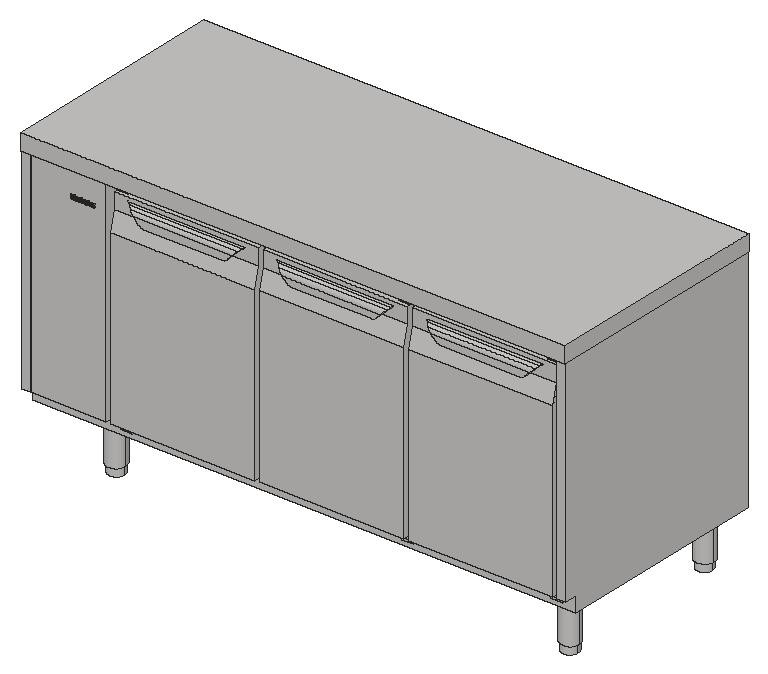
Revit family "QF_ELECTROLUXPROFESSIONAL_710295_EH3MRAAA", category Specialty Equipment, Revit 2018
Family settings
  Round Connector Dimension = Use Diameter
  Part Type = Normal
  Work Plane-Based = No
  Always vertical = Yes
  Cut with Voids When Loaded = No
  Shared = No
  Room Calculation Point = No
Parameters
  Weight = 0.00 kg
  Watts = 0 W
  Volts = 220 V
  URL Manufacturer = "http://professional.electrolux.com/"
  URL = "http://professional.electrolux.com/"
  Steam Supply Size = 0 mm
  Steam Supply Minimum Pressure = 0.0 Pa
  Steam Supply Maximum Pressure = 0.0 Pa
  Steam Pounds per Hour = 0
  Show Logo [instance] = yes
  Show Clearance [instance] = yes
  Refrigeration Suction Line Size = 0 mm
  Refrigeration Liquid Line Size = 0 mm
  Refrigerant Compressor Remote = yes
  Manufacturer = "Electrolux"
  Phase = 1
  Model = "EH3RRAAA"
  Length Actual = 1661 mm  # constant formula
  Item Number = "710030"
  Hot Water Size = 0 mm
  Height Actual = 900 mm  # constant formula
  HP = "0.1 HP"
  Gas Size = 0 mm
  Gas KW = 0
  Gas Input Pressure = 0 W
  Direct Waste Size = 0 mm
  Description = "REFRIGER.COUNTER 440LT 3DOOR REMOTE"
  Depth Actual = 700 mm  # constant formula
  Cycle = 0 Hz
  Condensate Return Size = 0 mm
  Compressed Air Volume = 0.0 L/s
  Compressed Air Size = 0 mm
  Compressed Air Pressure = 0.0 Pa
  Cold Water Size = 0 mm
  Accessory = yes
Reference planes
  plane 1 "Center X": y = 182.5
  plane 2: z = 0
  plane 3 "Center Y": x = 169.5
  plane 4: y = -62.5
  plane 5: y = 451.5
  plane 6 "BACK": y = 532.5
  plane 7 "FRONT": y = -167.5
  plane 8: x = -452
  plane 9: x = 932
  plane 10: z = 150
  plane 11 "TOP": z = 900
  plane 12: z = 850
  plane 13: x = -659
  plane 14: x = 998
  plane 15 "LEFT": x = -661
  plane 16 "RIGHT": x = 1000
Forms (mm)
  Extrusion 1, solid, material "QF_Finishes_Stainless Steel"
    sketch origin (169.5, 2, 0) x (0, 1, 0) y (0, 0, 1)
      loop
        line (530.5, 150) -> (530.5, 850) -> (-124.5, 850) -> (-124.5, 150) -> (530.5, 150)
    from -828.5 to 828.5
  Extrusion 2, solid, material "QF_Finishes_Stainless Steel"
    sketch origin (-1022.223, -1524, 150) x (-1, 0, 0) y (0, -1, 0)
      loop
        line (-363.223, -1361.5) -> (-388.223, -1361.5) -> (-388.223, -1401.5) -> (-363.223, -1401.5) -> (-363.223, -1361.5)
      loop
        line (-2020.223, -1401.5) -> (-1995.223, -1401.5) -> (-1995.223, -1361.5) -> (-2020.223, -1361.5) -> (-2020.223, -1401.5)
    from 47 to 700
  Extrusion 3, solid, material "QF_Finishes_Stainless Steel"
    sketch origin (0, 0, 900) x (-1, 0, 0) y (0, -1, 0)
      loop
        circle (-284, -94.5) r 8.45
    from -790.577 to -750
  Extrusion 4, solid, material "QF_Finishes_Stainless Steel"
    sketch origin (0, 0, 0) x (1, 0, 0) y (0, 1, 0)
      loop
        circle (-594, 207.5) r 8.45
    from 127.77 to 150
  Extrusion 5, solid, material "QF_Finishes_Stainless Steel"
    sketch origin (0, 0, 0) x (1, 0, 0) y (0, 1, 0)
      loop
        circle (-578, 162.5) r 4.75
    from 347 to 367
  Extrusion 6, solid, material "QF_Finishes_Stainless Steel"
    sketch origin (0, 0, 0) x (1, 0, 0) y (0, 1, 0)
      loop
        circle (-531, 4.5) r 4
    from 709 to 729
  Extrusion 7, solid, material "QF_Finishes_Stainless Steel"
    sketch origin (0, 0, 0) x (1, 0, 0) y (0, 1, 0)
      loop
        circle (-553, 159.5) r 4
    from 397 to 417
  Extrusion 8, solid, material "QF_Finishes_Stainless Steel"
    sketch origin (169.5, 0, 0) x (0, 1, 0) y (0, 0, 1)
      loop
        line (-167.5, 900) -> (-167.5, 850) -> (532.5, 850) -> (532.5, 900) -> (-167.5, 900)
    from -830.5 to 830.5
Cuts and joins
  joined: Extrusion 1, Extrusion 2
Lines and regions (mm)
  symbolic lines, style "SpecialityEquipmentHiddenLines"
    curve 1: line (-661, -122.5, 900) -> (1000, -122.5, 900)
    curve 2: line (-396, -167.5, 900) -> (-396, -122.5, 900)
  symbolic lines, style "SpecialityEquipment"
    curve 3: line (-661, 532.5, 900) -> (1000, 532.5, 900)
    curve 4: line (-661, 532.5, 900) -> (-661, -167.5, 900)
    curve 5: line (-661, -167.5, 900) -> (1000, -167.5, 900)
    curve 6: line (1000, -167.5, 900) -> (1000, 532.5, 900)
Dimensions and locks
  locked: plane 6 "BACK" to plane 7 "FRONT" at 700
  equal spacing: plane 6 "BACK", plane 1 "Center X", plane 7 "FRONT"
  locked: plane 6 "BACK" to plane 5 at 81
  plane 10 to level = 150 mm
  plane 11 "TOP" to plane 12 to plane 10 = 50 mm locked, 700 mm locked
  locked: Extrusion 2 sketch curve to Extrusion 2 sketch curve at 25  (x2)
  locked: plane 4 to plane 7 "FRONT" at 105
  locked: plane 6 "BACK" to Extrusion 3 sketch curve at 438
  equal spacing: plane 13, plane 3 "Center Y", plane 14
  plane 15 "LEFT" to plane 16 "RIGHT" = 1661 mm
  locked: plane 13 to plane 8 at 207
  locked: plane 9 to plane 14 at 66
  locked: Extrusion 3 sketch curve to plane 14 at 714
  plane 6 "BACK" to Extrusion 4 sketch curve = 325 mm
  locked: plane 13 to Extrusion 4 sketch curve at 65
  locked: plane 13 to Extrusion 7 sketch curve at 106
  locked: plane 6 "BACK" to Extrusion 7 sketch curve at 373
  locked: plane 6 "BACK" to Extrusion 5 sketch curve at 370
  locked: plane 13 to Extrusion 5 sketch curve at 81
  plane 13 to Extrusion 6 sketch curve = 128 mm
  plane 6 "BACK" to Extrusion 6 sketch curve = 528 mm
  locked: plane 10 to Extrusion 4 at 22.23
  cut or joined group of Extrusion 1, Extrusion 2 to Extrusion 5 to Extrusion 5 to Extrusion 7 to Extrusion 7 to Extrusion 6 to Extrusion 6 = 197 mm locked, 20 mm locked, 30 mm locked, 20 mm locked, 292 mm locked, 20 mm locked
  aligned and locked: level to plane 2
  aligned and locked: plane 10 to Extrusion 3
  aligned and locked: nested 4 to plane 4
  aligned and locked: nested 1 to plane 4
  aligned and locked: nested 3 to plane 5
  aligned and locked: nested 2 to plane 5
  aligned and locked: plane 8 to nested 1
  aligned and locked: plane 8 to nested 2
  aligned and locked: plane 9 to nested 4
  aligned and locked: plane 9 to nested 3
  aligned and locked: Extrusion 1 to Extrusion 2
  aligned and locked: Extrusion 2 to Extrusion 1
  aligned and locked: Extrusion 2 sketch curve to plane 14
  aligned and locked: plane 13 to Extrusion 2 sketch curve
  aligned and locked: plane 12 to nested 5
  aligned and locked: nested 7 to plane 12
  aligned and locked: cut or joined group of Extrusion 1, Extrusion 2 to plane 10
  aligned and locked: plane 12 to cut or joined group of Extrusion 1, Extrusion 2
  aligned and locked: plane 10 to Extrusion 4
  aligned and locked: nested 8 to plane 7 "FRONT"
  aligned and locked: plane 14 to nested 8
  aligned and locked: plane 16 "RIGHT" to curve 6
  aligned and locked: Extrusion 8 sketch curve to plane 11 "TOP"
  aligned and locked: plane 7 "FRONT" to Extrusion 8 sketch curve
  aligned and locked: Extrusion 8 sketch curve to cut or joined group of Extrusion 1, Extrusion 2  (x2)
  aligned and locked: Extrusion 8 to curve 3
  aligned and locked: plane 16 "RIGHT" to Extrusion 8
Automatic sketch dimensions
  Extrusion 1 sketch curve to plane 10 = 0 mm
  Extrusion 1 sketch curve to plane 12 = 0 mm
  Extrusion 1 sketch curve to plane 6 "BACK" = 0 mm
  plane 7 "FRONT" to Extrusion 1 sketch curve = 45 mm
  plane 7 "FRONT" to Extrusion 2 sketch curve = 45 mm  (x2)
  plane 7 "FRONT" to Extrusion 2 sketch curve = 5 mm  (x2)
  curve 6 to plane 6 "BACK" = 0 mm
  curve 2 to plane 7 "FRONT" = 0 mm
  plane 8 to curve 2 = 56 mm
  curve 1 to curve 4 = 45 mm
  radius of Extrusion 3 sketch curve = 8.45 mm
  radius of Extrusion 4 sketch curve = 8.45 mm
  radius of Extrusion 5 sketch curve = 4.75 mm
  radius of Extrusion 6 sketch curve = 4 mm
  radius of Extrusion 7 sketch curve = 4 mm
Nested families
  nested 1: "Foot_Ø50_H150" at (-452, -62.5, 0), type "Foot_Ø50_H150"
  nested 2: "Foot_Ø50_H150" at (-452, 451.5, 0), type "Foot_Ø50_H150"
  nested 3: "Foot_Ø50_H150" at (932, 451.5, 0), type "Foot_Ø50_H150"
  nested 4: "Foot_Ø50_H150" at (932, -62.5, 0), type "Foot_Ø50_H150"
  nested 5: "ELX_Cooling Unit_Remote" at (-518.5, -164.5, 0), Show Logo <- "Show Logo", type "ELX_Cooling Unit_Remote"
  nested 6: "ELX_Door" at (285, -164.5, 0), Show Clearance <- "Show Clearance", type "ELX_Door"
  nested 7: "ELX_Door" at (-169, -164.5, 0) x (-1, 0, 0) z (0, 0, 1), Show Clearance <- "Show Clearance", type "ELX_Door"
  nested 8: "Refrigerator" at (998, -167.5, 900), type "Refrigerator"
  nested 9: "ELX_Door" at (739, -164.5, 0), Show Clearance <- "Show Clearance", type "ELX_Door"
Connectors
  piping at (-594, 207.5, 127.77), diameter 17
    settings: on Extrusion 4, index 1, connector inside diameter 609.6 mm, connector length 0 mm, flow factor 0, pipe flow 0.0 L/s, pressure drop 0.0 Pa, fitting loss kfactor 0, connector angle 0.00°, fixture units 0, engagement length 0 mm, angle of deflection 0.00°, flow configuration 1, flow direction 2, fitting loss method 0, system type 16, joint type 0, gender type 0, connector reference index -1, connector utility 0, adjustable connector no, is connector primary yes, connector description "Drain"
  piping at (-578, 162.5, 347), diameter 2895.6
    settings: on Extrusion 5, index 2, connector inside diameter 609.6 mm, connector length 0 mm, flow factor 0, pipe flow 0.0 L/s, pressure drop 0.0 Pa, fitting loss kfactor 0, connector angle 0.00°, fixture units 0, engagement length 0 mm, angle of deflection 0.00°, flow configuration 1, flow direction 2, fitting loss method 0, system type 8, joint type 0, gender type 0, connector reference index -1, connector utility 0, adjustable connector no, is connector primary no, connector description "Refrigerant Outlet"
  piping at (-553, 159.5, 397), diameter 2438.4
    settings: on Extrusion 7, index 3, connector inside diameter 609.6 mm, connector length 0 mm, flow factor 0, pipe flow 0.0 L/s, pressure drop 0.0 Pa, fitting loss kfactor 0, connector angle 0.00°, fixture units 0, engagement length 0 mm, angle of deflection 0.00°, flow configuration 1, flow direction 1, fitting loss method 0, system type 7, joint type 0, gender type 0, connector reference index -1, connector utility 0, adjustable connector no, is connector primary no, connector description "Refrigerant Inlet"
  electrical at (-531, 4.5, 709)
    settings: on Extrusion 6, index 4, voltage 0 V, apparent load 0 VA, apparent load phase1 0 VA, apparent load phase2 0 VA, apparent load phase3 0 VA, power factor 1, load classification "Altro", number of poles 1, system type 30, power factor state 1, is connector primary yes, connector utility no, sub classification motor no, connector description "Electrical Connection"
  piping at (284, 94.5, 109.423), diameter 17
    settings: on Extrusion 3, index 5, connector inside diameter 609.6 mm, connector length 0 mm, flow factor 0, pipe flow 0.0 L/s, pressure drop 0.0 Pa, fitting loss kfactor 0, connector angle 0.00°, fixture units 0, engagement length 0 mm, angle of deflection 0.00°, flow configuration 1, flow direction 2, fitting loss method 0, system type 16, joint type 0, gender type 0, connector reference index -1, connector utility 0, adjustable connector no, is connector primary no, connector description "Drain"
Definition of nested family "Foot_Ø50_H150"
  Reference planes
    plane 1 "Centro (Fronte/Retro)": y = 0
    plane 2: z = 0
    plane 3 "Centro (Sinistra/Destra)": x = 0
    plane 4: z = 150
  Forms (mm)
    Revolve 1, solid
      sketch origin (255.05, 0, 608.09) x (0, 0, 1) y (-1, 0, 0)
        loop
          line (-608.09, 255.05) -> (-608.09, 230.05) -> (-583.09, 230.05) -> (-583.09, 226.05) -> (-458.09, 226.05) -> (-458.09, 255.05) -> (-608.09, 255.05)
        axis (-608.09, 255.05) -> (-458.09, 255.05)
      angle from 0 to 360
  Dimensions and locks
    locked: Revolve 1 sketch curve to Revolve 1 sketch curve at 125
    aligned and locked: level to plane 2
    aligned and locked: plane 4 to Revolve 1 sketch curve
    aligned and locked: Revolve 1 sketch curve to level
    aligned and locked: plane 3 "Centro (Sinistra/Destra)" to Revolve 1 sketch curve
Definition of nested family "ELX_Cooling Unit_Remote"
  Parameters
    Show Logo [instance] = yes
  Reference planes
    plane 1 "FRONT": y = -3
    plane 2: z = 0
    plane 3 "Centro (Sinistra/Destra)": x = 0
    plane 4: z = 150
    plane 5: z = 850
    plane 6: x = -115.5
    plane 7: x = 115.5
  Forms (mm)
    Extrusion 1, solid
      sketch origin (0, 55, 511) x (0, 0, 1) y (0, -1, 0)
        loop
          line (-314, 53) -> (-314, 13) -> (339, 13) -> (339, 53) -> (-314, 53)
      from -115.5 to 115.5
  Lines and regions (mm)
    Split face 1
      outline origin (0, 2, 197) x (0, 0, 1) y (-1, 0, 0)
        loop
          line (622.361, 88.738) -> (620.361, 90.738) -> (551.361, 90.738) -> (549.361, 88.738) -> (549.361, -88.738) -> (551.361, -90.738) -> (620.361, -90.738) -> (622.361, -88.738) -> (622.361, 88.738)
    Split face 2
      outline origin (0, 2, 197) x (0, 0, 1) y (-1, 0, 0)
        loop
          line (601.861, 71.967) -> (561.861, 71.967) -> (561.861, 6.967) -> (601.861, 6.967) -> (601.861, 71.967)
    Split face 3
      outline origin (0, 2, 197) x (0, 0, 1) y (-1, 0, 0)
        loop
          line (611.961, -90.738) -> (611.961, -8.712) -> (617.061, 0.121) -> (617.061, 90.738)
  Dimensions and locks
    aligned and locked: level to plane 2
  Nested families
    nested 1: "ELX_Logo_S_New" at (45.369, 2, 777.661) x (1, 0, 0) z (0, -1, 0), type "ELX_Logo_S_New"
  Definition of nested family "ELX_Logo_S_New"
    Parameters
      Default Elevation = 0 mm
    Reference planes
      plane 1 "Centro (Fronte/Retro)": y = 0
      plane 2: z = 0
      plane 3 "Centro (Sinistra/Destra)": x = 0
    Forms (mm)
      Extrusion 1, solid
        sketch origin (0, 0, 0) x (1, 0, 0) y (0, 1, 0)
          loop
            line (-1219.2, 1219.2) -> (-1219.2, -1219.2) -> (1219.2, -1219.2) -> (1219.2, 1219.2) -> (-1219.2, 1219.2)
        from 0 to -304.8
      Extrusion 2, solid
        sketch origin (0, 0, 0) x (1, 0, 0) y (0, 1, 0)
          loop
            spline (-32.537, -4.135) -> (-32.702, -4.128) -> (-32.877, -4.105) -> (-33.059, -4.064) -> (-33.242, -4.002) -> (-33.422, -3.916) -> (-33.593, -3.803) -> (-33.751, -3.66) -> (-33.891, -3.486) -> (-34.008, -3.276) -> (-34.098, -3.029) -> (-34.155, -2.741) -> (-34.176, -2.41)
            line (-34.176, -2.41) -> (-34.176, -0.943) -> (-29.331, -0.943) -> (-29.331, 0.928) -> (-34.176, 0.928) -> (-34.176, 3.652) -> (-29.023, 3.652) -> (-29.023, 5.518) -> (-36.159, 5.518) -> (-36.159, -2.326)
            spline (-36.159, -2.326) -> (-36.142, -2.808) -> (-36.088, -3.263) -> (-35.996, -3.688) -> (-35.867, -4.083) -> (-35.698, -4.445) -> (-35.489, -4.773) -> (-35.239, -5.066) -> (-34.946, -5.322) -> (-34.61, -5.539) -> (-34.23, -5.716) -> (-33.804, -5.851) -> (-33.332, -5.943)
            line (-33.332, -5.943) -> (-32.554, -5.999) -> (-28.885, -5.999) -> (-28.885, -4.135) -> (-32.537, -4.135)
          loop
            line (-27.476, 0.076) -> (-27.476, -6.002) -> (-25.492, -6.002) -> (-25.492, 5.521) -> (-27.476, 5.521) -> (-27.476, 0.076)
          loop
            spline (-15.702, -2.321) -> (-15.689, -1.697) -> (-15.749, -1.094) -> (-15.879, -0.516) -> (-16.078, 0.029) -> (-16.341, 0.538) -> (-16.668, 1.004) -> (-17.055, 1.422) -> (-17.5, 1.786) -> (-17.999, 2.091) -> (-18.552, 2.331) -> (-19.154, 2.5) -> (-19.804, 2.594)
            spline (-19.804, 2.594) -> (-20.422, 2.558) -> (-21.009, 2.453) -> (-21.56, 2.28) -> (-22.072, 2.042) -> (-22.54, 1.743) -> (-22.96, 1.385) -> (-23.327, 0.97) -> (-23.638, 0.502) -> (-23.887, -0.018) -> (-24.07, -0.586) -> (-24.183, -1.2) -> (-24.222, -1.857)
            spline (-24.222, -1.857) -> (-24.184, -2.498) -> (-24.074, -3.097) -> (-23.895, -3.652) -> (-23.651, -4.16) -> (-23.344, -4.618) -> (-22.979, -5.023) -> (-22.559, -5.374) -> (-22.087, -5.667) -> (-21.567, -5.899) -> (-21.003, -6.068) -> (-20.397, -6.172) -> (-19.754, -6.207)
            spline (-19.754, -6.207) -> (-19.44, -6.2) -> (-19.13, -6.176) -> (-18.823, -6.135) -> (-18.52, -6.074) -> (-18.221, -5.993) -> (-17.925, -5.89) -> (-17.634, -5.762) -> (-17.346, -5.609) -> (-17.062, -5.43) -> (-16.782, -5.221) -> (-16.506, -4.983) -> (-16.234, -4.713)
            line (-16.234, -4.713) -> (-17.429, -3.55)
            spline (-17.429, -3.55) -> (-17.587, -3.702) -> (-17.745, -3.841) -> (-17.906, -3.967) -> (-18.07, -4.08) -> (-18.239, -4.181) -> (-18.415, -4.268) -> (-18.599, -4.343) -> (-18.792, -4.404) -> (-18.996, -4.452) -> (-19.213, -4.486) -> (-19.443, -4.506) -> (-19.688, -4.513)
            spline (-19.688, -4.513) -> (-20.047, -4.496) -> (-20.383, -4.443) -> (-20.696, -4.358) -> (-20.984, -4.24) -> (-21.246, -4.092) -> (-21.479, -3.915) -> (-21.683, -3.711) -> (-21.856, -3.48) -> (-21.997, -3.224) -> (-22.104, -2.945) -> (-22.176, -2.643) -> (-22.212, -2.321)
            line (-22.212, -2.321) -> (-15.702, -2.321)
          loop
            spline (-17.695, -0.926) -> (-17.714, -0.681) -> (-17.771, -0.445) -> (-17.861, -0.221) -> (-17.984, -0.01) -> (-18.135, 0.184) -> (-18.314, 0.36) -> (-18.516, 0.516) -> (-18.741, 0.648) -> (-18.984, 0.755) -> (-19.244, 0.834) -> (-19.518, 0.883) -> (-19.804, 0.9)
            spline (-19.804, 0.9) -> (-20.11, 0.884) -> (-20.405, 0.835) -> (-20.686, 0.757) -> (-20.95, 0.652) -> (-21.195, 0.521) -> (-21.419, 0.367) -> (-21.618, 0.192) -> (-21.79, -0.003) -> (-21.934, -0.214) -> (-22.045, -0.439) -> (-22.122, -0.678) -> (-22.162, -0.926)
            line (-22.162, -0.926) -> (-17.695, -0.926)
          loop
            spline (-12.669, -1.807) -> (-12.646, -1.438) -> (-12.58, -1.088) -> (-12.472, -0.759) -> (-12.326, -0.455) -> (-12.145, -0.177) -> (-11.93, 0.072) -> (-11.685, 0.289) -> (-11.412, 0.473) -> (-11.114, 0.62) -> (-10.793, 0.728) -> (-10.453, 0.794) -> (-10.095, 0.817)
            spline (-10.095, 0.817) -> (-9.876, 0.81) -> (-9.665, 0.79) -> (-9.464, 0.756) -> (-9.271, 0.709) -> (-9.086, 0.65) -> (-8.908, 0.578) -> (-8.737, 0.495) -> (-8.572, 0.399) -> (-8.414, 0.292) -> (-8.261, 0.173) -> (-8.113, 0.044) -> (-7.969, -0.096)
            line (-7.969, -0.096) -> (-6.741, 1.183)
            spline (-6.741, 1.183) -> (-6.985, 1.427) -> (-7.237, 1.647) -> (-7.496, 1.843) -> (-7.762, 2.015) -> (-8.034, 2.164) -> (-8.312, 2.291) -> (-8.596, 2.397) -> (-8.886, 2.482) -> (-9.181, 2.546) -> (-9.481, 2.592) -> (-9.786, 2.619) -> (-10.095, 2.627)
            spline (-10.095, 2.627) -> (-10.715, 2.589) -> (-11.308, 2.476) -> (-11.871, 2.294) -> (-12.396, 2.046) -> (-12.88, 1.736) -> (-13.316, 1.369) -> (-13.7, 0.949) -> (-14.026, 0.48) -> (-14.289, -0.035) -> (-14.483, -0.59) -> (-14.604, -1.182) -> (-14.645, -1.807)
            spline (-14.645, -1.807) -> (-14.604, -2.431) -> (-14.483, -3.023) -> (-14.289, -3.578) -> (-14.026, -4.093) -> (-13.7, -4.562) -> (-13.316, -4.983) -> (-12.88, -5.35) -> (-12.396, -5.659) -> (-11.871, -5.907) -> (-11.308, -6.09) -> (-10.715, -6.202) -> (-10.095, -6.24)
            spline (-10.095, -6.24) -> (-9.786, -6.232) -> (-9.481, -6.205) -> (-9.181, -6.16) -> (-8.886, -6.095) -> (-8.596, -6.01) -> (-8.312, -5.904) -> (-8.034, -5.777) -> (-7.762, -5.628) -> (-7.496, -5.456) -> (-7.237, -5.26) -> (-6.985, -5.04) -> (-6.741, -4.796)
            line (-6.741, -4.796) -> (-7.969, -3.517)
            spline (-7.969, -3.517) -> (-8.113, -3.657) -> (-8.261, -3.786) -> (-8.414, -3.905) -> (-8.572, -4.012) -> (-8.737, -4.108) -> (-8.908, -4.192) -> (-9.086, -4.263) -> (-9.271, -4.323) -> (-9.464, -4.369) -> (-9.665, -4.403) -> (-9.876, -4.423) -> (-10.095, -4.43)
            spline (-10.095, -4.43) -> (-10.453, -4.408) -> (-10.793, -4.341) -> (-11.114, -4.233) -> (-11.412, -4.086) -> (-11.685, -3.902) -> (-11.93, -3.685) -> (-12.145, -3.436) -> (-12.326, -3.158) -> (-12.472, -2.854) -> (-12.58, -2.526) -> (-12.646, -2.176) -> (-12.669, -1.807)
          loop
            spline (-1.683, -4.138) -> (-1.858, -4.14) -> (-2.045, -4.127) -> (-2.24, -4.095) -> (-2.438, -4.04) -> (-2.633, -3.959) -> (-2.822, -3.85) -> (-2.998, -3.709) -> (-3.157, -3.533) -> (-3.294, -3.318) -> (-3.404, -3.061) -> (-3.483, -2.76) -> (-3.524, -2.411)
            line (-3.524, -2.411) -> (-3.524, 0.529) -> (-1.72, 0.529) -> (-1.72, 2.331) -> (-3.522, 2.331) -> (-3.522, 5.521) -> (-5.506, 5.521) -> (-5.506, -2.523)
            spline (-5.506, -2.523) -> (-5.463, -2.99) -> (-5.386, -3.429) -> (-5.274, -3.839) -> (-5.126, -4.218) -> (-4.941, -4.564) -> (-4.717, -4.877) -> (-4.455, -5.155) -> (-4.153, -5.396) -> (-3.81, -5.599) -> (-3.425, -5.762) -> (-2.998, -5.884) -> (-2.528, -5.964)
            line (-2.528, -5.964) -> (-1.69, -6.002) -> (-1.683, -4.138)
          loop
            spline (4.991, 2.446) -> (4.648, 2.468) -> (4.318, 2.461) -> (4.001, 2.429) -> (3.699, 2.371) -> (3.413, 2.288) -> (3.142, 2.182) -> (2.89, 2.052) -> (2.655, 1.901) -> (2.439, 1.728) -> (2.244, 1.535) -> (2.069, 1.322) -> (1.917, 1.091)
            line (1.917, 1.091) -> (1.917, 2.33) -> (-0.051, 2.33) -> (-0.051, -6.002) -> (1.917, -6.002) -> (1.917, -1.621)
            spline (1.917, -1.621) -> (1.935, -1.288) -> (1.988, -0.979) -> (2.075, -0.693) -> (2.195, -0.432) -> (2.345, -0.197) -> (2.526, 0.01) -> (2.736, 0.189) -> (2.972, 0.338) -> (3.235, 0.456) -> (3.522, 0.541) -> (3.832, 0.594) -> (4.165, 0.611)
            line (4.165, 0.611) -> (4.991, 0.529) -> (4.991, 2.446)
          loop
            spline (14.388, -1.836) -> (14.347, -1.224) -> (14.226, -0.642) -> (14.031, -0.093) -> (13.768, 0.418) -> (13.441, 0.887) -> (13.057, 1.308) -> (12.621, 1.677) -> (12.137, 1.989) -> (11.612, 2.24) -> (11.051, 2.425) -> (10.459, 2.539) -> (9.842, 2.578)
            spline (9.842, 2.578) -> (9.221, 2.539) -> (8.627, 2.425) -> (8.064, 2.24) -> (7.539, 1.989) -> (7.056, 1.677) -> (6.62, 1.308) -> (6.237, 0.887) -> (5.912, 0.418) -> (5.65, -0.093) -> (5.456, -0.642) -> (5.336, -1.224) -> (5.295, -1.836)
            spline (5.295, -1.836) -> (5.336, -2.447) -> (5.456, -3.029) -> (5.65, -3.578) -> (5.912, -4.089) -> (6.237, -4.558) -> (6.62, -4.979) -> (7.056, -5.348) -> (7.539, -5.66) -> (8.064, -5.911) -> (8.627, -6.096) -> (9.221, -6.211) -> (9.842, -6.25)
            spline (9.842, -6.25) -> (10.459, -6.211) -> (11.051, -6.096) -> (11.612, -5.911) -> (12.137, -5.66) -> (12.621, -5.348) -> (13.057, -4.979) -> (13.441, -4.558) -> (13.768, -4.089) -> (14.031, -3.578) -> (14.226, -3.029) -> (14.347, -2.447) -> (14.388, -1.836)
          loop
            spline (12.42, -1.836) -> (12.397, -1.475) -> (12.33, -1.131) -> (12.222, -0.807) -> (12.075, -0.504) -> (11.893, -0.227) -> (11.677, 0.022) -> (11.431, 0.241) -> (11.157, 0.426) -> (10.859, 0.575) -> (10.538, 0.685) -> (10.198, 0.753) -> (9.842, 0.777)
            spline (9.842, 0.777) -> (9.482, 0.753) -> (9.14, 0.685) -> (8.818, 0.575) -> (8.519, 0.426) -> (8.246, 0.241) -> (8.001, 0.022) -> (7.786, -0.227) -> (7.605, -0.504) -> (7.459, -0.807) -> (7.352, -1.131) -> (7.286, -1.475) -> (7.263, -1.836)
            spline (7.263, -1.836) -> (7.286, -2.196) -> (7.352, -2.54) -> (7.459, -2.865) -> (7.605, -3.167) -> (7.786, -3.444) -> (8.001, -3.694) -> (8.246, -3.912) -> (8.519, -4.098) -> (8.818, -4.247) -> (9.14, -4.357) -> (9.482, -4.425) -> (9.842, -4.448)
            spline (9.842, -4.448) -> (10.198, -4.425) -> (10.538, -4.357) -> (10.859, -4.247) -> (11.157, -4.098) -> (11.431, -3.912) -> (11.677, -3.694) -> (11.893, -3.444) -> (12.075, -3.167) -> (12.222, -2.865) -> (12.33, -2.54) -> (12.397, -2.196) -> (12.42, -1.836)
          loop
            line (15.608, 0.275) -> (15.608, -6.002) -> (17.593, -6.002) -> (17.593, 5.521) -> (15.608, 5.521) -> (15.608, 0.275)
          loop
            line (24.747, 2.33) -> (24.747, -2.513)
            spline (24.747, -2.513) -> (24.731, -2.828) -> (24.685, -3.112) -> (24.61, -3.366) -> (24.507, -3.59) -> (24.38, -3.785) -> (24.229, -3.952) -> (24.056, -4.091) -> (23.863, -4.203) -> (23.652, -4.29) -> (23.425, -4.35) -> (23.183, -4.386) -> (22.928, -4.398)
            spline (22.928, -4.398) -> (22.674, -4.386) -> (22.432, -4.35) -> (22.205, -4.29) -> (21.994, -4.204) -> (21.802, -4.092) -> (21.629, -3.954) -> (21.478, -3.788) -> (21.35, -3.595) -> (21.248, -3.373) -> (21.173, -3.122) -> (21.126, -2.841) -> (21.11, -2.53)
            line (21.11, -2.53) -> (21.11, 2.33) -> (19.11, 2.33) -> (19.11, -2.696)
            spline (19.11, -2.696) -> (19.145, -3.265) -> (19.248, -3.783) -> (19.413, -4.25) -> (19.636, -4.667) -> (19.912, -5.033) -> (20.236, -5.349) -> (20.603, -5.616) -> (21.008, -5.833) -> (21.446, -6.001) -> (21.913, -6.121) -> (22.403, -6.193) -> (22.912, -6.217)
            spline (22.912, -6.217) -> (23.425, -6.193) -> (23.92, -6.12) -> (24.39, -5.998) -> (24.832, -5.828) -> (25.241, -5.607) -> (25.611, -5.337) -> (25.937, -5.016) -> (26.216, -4.645) -> (26.441, -4.222) -> (26.608, -3.749) -> (26.711, -3.223) -> (26.747, -2.646)
            line (26.747, -2.646) -> (26.747, 2.33) -> (24.747, 2.33)
          loop
            line (34.253, -3.337) -> (33.002, -1.588) -> (34.551, 0.523) -> (35.878, 2.33) -> (33.713, 2.33) -> (31.91, -0.166) -> (30.092, 2.33) -> (27.943, 2.33) -> (29.175, 0.645) -> (30.82, -1.604) -> (29.096, -4.004) -> (27.662, -6.002) -> (29.794, -6.002) -> (31.91, -3.059) -> (34.027, -6.002) -> (36.159, -6.002) -> (34.253, -3.337)
        from 0 to 1.644
    Dimensions and locks
      aligned and locked: plane 2 to Extrusion 1
      aligned and locked: level to Extrusion 1
Definition of nested family "ELX_Door"
  Parameters
    Show Clearance [instance] = yes
  Reference planes
    plane 1 "FRONT": y = -3
    plane 2: z = 0
    plane 3 "Centro (Sinistra/Destra)": x = 0
    plane 4: z = 150
    plane 5: z = 850
    plane 6: x = -234
    plane 7: x = 234
    plane 8: x = -220
    plane 9: x = 220
  Forms (mm)
    Extrusion 1, solid
      sketch origin (0, 53, 511) x (0, 0, 1) y (0, -1, 0)
        loop
          line (-323.003, 28.5) -> (-316.501, 28.5) -> (-316.501, 31) -> (-325.503, 31) -> (-325.503, 13.5) -> (-345.503, 13.5) -> (-345.503, 11) -> (-323.003, 11) -> (-323.003, 23.259) -> (-323.003, 28.5)
        loop
          line (-314, 27) -> (-316.501, 27) -> (-316.501, 18.501) -> (-319.752, 18.501) -> (-319.752, 16) -> (-314, 16) -> (-314, 27)
        loop
          line (315.003, 27) -> (315.003, 13.948) -> (315.003, 11) -> (327.503, 11) -> (327.503, 13.5) -> (317.503, 13.5) -> (317.503, 27) -> (315.003, 27)
      from 185 to 220
    Extrusion 2, solid, visible <- "Show Clearance", detail levels coarse
      sketch origin (0, 53, 511) x (0, -1, 0) y (1, 0, 0)
        loop
          line (51, 220) -> (51, -220)
          arc (51, -220) -> (339.234, -79.44) -> (454, 220) r 437.168
          line (454, 220) -> (51, 220)
      from -314 to 314
    Extrusion 3, solid
      sketch origin (0, 55, 511) x (0, 0, 1) y (0, -1, 0)
        loop
          line (-314, 53) -> (-314, 18) -> (314, 18) -> (314, 37.596) -> (265.325, 37.596) -> (207.835, 53) -> (-314, 53)
      from -220 to 220
    Extrusion 4, solid
      sketch origin (0, 55, 511) x (0, 0, 1) y (0, -1, 0)
        loop
          line (252.967, 53) -> (252.967, 51) -> (274.59, 51)
          arc (274.59, 51) -> (281.189, 49.747) -> (286.869, 46.162) r 18
          arc (286.869, 46.162) -> (290.566, 42.591) -> (294.137, 38.894) r 148.064
          arc (294.137, 38.894) -> (296.293, 37.129) -> (298.841, 36) r 10.406
          line (298.841, 36) -> (302.14, 36) -> (302.14, 37.596)
          arc (302.14, 37.596) -> (298.576, 38.207) -> (295.599, 40.258) r 8.406
          arc (295.599, 40.258) -> (291.98, 44.005) -> (288.233, 47.624) r 150.064
          arc (288.233, 47.624) -> (281.922, 51.608) -> (274.59, 53) r 20
          line (274.59, 53) -> (252.967, 53)
      from -185 to 185
    Extrusion 5, void
      sketch origin (0, 55, 511) x (1, 0, 0) y (0, 0, 1)
        loop
          line (-204, 242.612) -> (-118.742, 242.612) -> (-118.742, 252.967)
          arc (-118.742, 252.967) -> (-128.309, 254.87) -> (-136.42, 260.289) r 25
          line (-136.42, 260.289) -> (-172.857, 296.727)
          arc (-172.857, 296.727) -> (-179.346, 301.062) -> (-187, 302.585) r 20
          line (-187, 302.585) -> (-204, 302.585) -> (-204, 242.612)
        loop
          line (204, 242.612) -> (204, 302.585) -> (187, 302.585)
          arc (187, 302.585) -> (179.346, 301.062) -> (172.857, 296.727) r 20
          line (172.857, 296.727) -> (136.42, 260.289)
          arc (136.42, 260.289) -> (128.309, 254.87) -> (118.742, 252.967) r 25
          line (118.742, 252.967) -> (118.742, 242.612) -> (204, 242.612)
      from 37.596 to 53
  Cuts and joins
    Extrusion 5 cuts Extrusion 2
    Extrusion 5 cuts Extrusion 4
    joined: Extrusion 3, Extrusion 4
  Lines and regions (mm)
    symbolic lines
      curve 1: line (220, -3, 0) -> (220, -401, 0)
      curve 2: line (220, -401, 0) -> (185, -401, 0)
      curve 3: line (185, -401, 0) -> (185, -3, 0)
      curve 4: arc (-219.722, -3, 0) -> (-89.51, -275.368, 0) -> (185, -401, 0) r 442.855
  Dimensions and locks
    aligned and locked: level to plane 2
Definition of nested family "Refrigerator"
  Reference planes
    plane 1 "Center (Front/Back)": y = 0
    plane 2: z = 0
    plane 3 "Center (Left/Right)": x = 0
  Lines and regions (mm)
    detail lines, in view "Ref. Level"
      curve 1: spline (-500, 190, 0) -> (-493.185, 166.706, 0) -> (-473.205, 145, 0) -> (-441.421, 126.36, 0) -> (-400, 112.058, 0) -> (-351.764, 103.067, 0) -> (-300, 100, 0) -> (-248.236, 103.067, 0) -> (-200, 112.058, 0) -> (-158.579, 126.36, 0) -> (-126.795, 145, 0) -> (-106.815, 166.706, 0) -> (-100, 190, 0) -> (-106.815, 213.294, 0) -> (-126.795, 235, 0) -> (-158.579, 253.64, 0) -> (-200, 267.942, 0) -> (-248.236, 276.933, 0) -> (-300, 280, 0) -> (-351.764, 276.933, 0) -> (-400, 267.942, 0) -> (-441.421, 253.64, 0) -> (-473.205, 235, 0) -> (-493.185, 213.294, 0) -> (-500, 190, 0)
      curve 2: line (-300, 130, 0) -> (-300, 250, 0)
      curve 3: line (-351.962, 220, 0) -> (-248.038, 160, 0)
      curve 4: line (-351.962, 160, 0) -> (-248.038, 220, 0)
      curve 5: line (-280.884, 246.873, 0) -> (-300, 225, 0)
      curve 6: line (-300, 225, 0) -> (-319.116, 246.873, 0)
      curve 7: line (-330.311, 207.5, 0) -> (-339.696, 234.992, 0)
      curve 8: line (-358.812, 201.882, 0) -> (-330.311, 207.5, 0)
      curve 9: line (-330.311, 172.5, 0) -> (-358.812, 178.118, 0)
      curve 10: line (-339.696, 145.008, 0) -> (-330.311, 172.5, 0)
      curve 11: line (-300, 155, 0) -> (-319.116, 133.127, 0)
      curve 12: line (-280.884, 133.127, 0) -> (-300, 155, 0)
      curve 13: line (-269.689, 172.5, 0) -> (-260.304, 145.008, 0)
      curve 14: line (-241.188, 178.118, 0) -> (-269.689, 172.5, 0)
      curve 15: line (-269.689, 207.5, 0) -> (-241.188, 201.882, 0)
      curve 16: line (-260.304, 234.992, 0) -> (-269.689, 207.5, 0)
